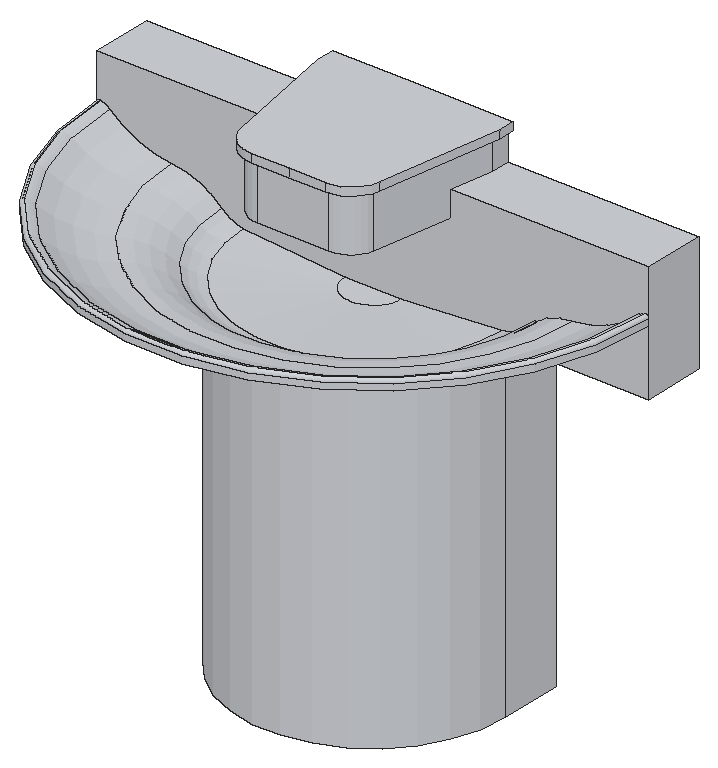
Revit family "Washfountain_Willoughby-WWF-4203-FLR-JR", category Plumbing Fixtures, Revit 2015
Parameters
  URL = "https://www.willoughby-ind.com/wp-content/uploads/2018/01/WWF-4204.pdf"
  Revision = "A"
  Model = "WWF-4203-FLR-JR"
  Manufacturer = "Willoughby Industries"
  Description = "3 Station Half Round 42\" Stainless Steel, Deep Bowl Washfountain, Floor Mounted, Junior Height"
  Contact Info = "(800) 428-4065"
Reference planes (in)
  plane 1 "Center (Front/Back)": y = 0
  plane 2: z = 0
  plane 3 "Center (Left/Right)": x = 0
Forms (in)
  Extrusion 1, solid
    sketch origin (0, 0, 24) x (1, 0, 0) y (0, 0, 1)
      loop
        line (-21, 22) -> (-21, 13) -> (21, 13) -> (21, 22) -> (-21, 22)
    from 0 to 4.75
  Revolve 2, solid
    sketch origin (0, 0, 24) x (0, 1, 0) y (0, 0, 1)
      loop
        line (-25.75, 18) -> (-25.645, 18) -> (-25.645, 18.5)
        arc (-25.645, 18.5) -> (-25.58946, 18.6144) -> (-25.4652, 18.64105) r 0.145
        arc (-25.4652, 18.64105) -> (-25.14236, 18.51684) -> (-24.86, 18.317) r 1.395
        arc (-24.86, 18.317) -> (-22.61273, 16.86456) -> (-20.015, 16.223) r 8.105
        arc (-20.015, 16.223) -> (-18.03072, 15.71473) -> (-16.34015, 14.55814) r 5.895
        arc (-16.34015, 14.55814) -> (-15.55, 13.99657) -> (-14.62519, 13.70603) r 3.105
        arc (-14.62519, 13.70603) -> (-10.76816, 13.27715) -> (-6.89, 13.134) r 52.566
        line (-6.89, 13.134) -> (-4.75, 13.134) -> (-4.75, 13.23892) -> (-6.89891, 13.23892)
        arc (-6.89891, 13.23892) -> (-10.76924, 13.38189) -> (-14.61847, 13.80999) r 52.461
        arc (-14.61847, 13.80999) -> (-15.51174, 14.0906) -> (-16.275, 14.63292) r 3
        arc (-16.275, 14.63292) -> (-17.99549, 15.81032) -> (-20.015, 16.32792) r 6
        arc (-20.015, 16.32792) -> (-22.58032, 16.9611) -> (-24.79922, 18.3952) r 8
        arc (-24.79922, 18.3952) -> (-25.10242, 18.60963) -> (-25.449, 18.743) r 1.5
        arc (-25.449, 18.743) -> (-25.65705, 18.69278) -> (-25.75, 18.5) r 0.25
        line (-25.75, 18.5) -> (-25.75, 18)
      axis (-4.75, 13.134) -> (-4.75, 18.743)
    angle from -90 to 90
  Revolve 3, solid
    sketch origin (0, 0, 0) x (0, 1, 0) y (0, 0, 1)
      loop
        line (-4.75, 37.134) -> (-6.891, 37.134)
        arc (-6.891, 37.134) -> (-10.76906, 37.27719) -> (-14.626, 37.706) r 52.58515
        arc (-14.626, 37.706) -> (-14.75098, 37.7272) -> (-14.875, 37.75349) r 3.10529
        line (-14.875, 37.75349) -> (-14.875, 11.51888) -> (-4.75, 11.51888) -> (-4.75, 37.134)
      axis (-4.75, 37.75349) -> (-4.75, 11.51888)
    angle from -90 to 90
  Extrusion 4, solid
    sketch origin (0, 0, 0) x (1, 0, 0) y (0, 0, 1)
      loop
        line (10.125, 11.51888) -> (10.125, 37) -> (-10.125, 37) -> (-10.125, 11.51888) -> (10.125, 11.51888)
    from 0 to 4.75
  Extrusion 5, solid
    sketch origin (0, 0, 0) x (1, 0, 0) y (0, 1, 0)
      loop
        line (0, 0) -> (-6.435, 0) -> (-6.435, -1.41) -> (-4.76251, -10.59501)
        arc (-4.76251, -10.59501) -> (-4.04002, -11.82218) -> (-2.695, -12.29) r 2.06528
        line (-2.695, -12.29) -> (2.695, -12.29)
        arc (2.695, -12.29) -> (4.04002, -11.82218) -> (4.76251, -10.59501) r 2.06528
        line (4.76251, -10.59501) -> (6.435, -1.41) -> (6.435, 0) -> (0, 0)
    from 44.01953 to 48.26953
  Extrusion 6, solid
    sketch origin (0, 0, 0) x (1, 0, 0) y (0, 1, 0)
      loop
        line (0, 0) -> (-6.875, 0) -> (-6.875, -1.28) -> (-5.255, -10.68)
        arc (-5.255, -10.68) -> (-4.40317, -12.16441) -> (-2.795, -12.75) r 2.49349
        line (-2.795, -12.75) -> (0, -12.75) -> (2.795, -12.75)
        arc (2.795, -12.75) -> (4.40317, -12.16441) -> (5.255, -10.68) r 2.49349
        line (5.255, -10.68) -> (6.875, -1.28) -> (6.875, 0) -> (0, 0)
    from 48.26953 to 48.89453
  Extrusion 7, solid
    sketch origin (0, 0, 0) x (1, 0, 0) y (0, 0, 1)
      loop
        circle (0, 32.75) r 0.75
      loop
        circle (5, 28.75) r 0.25
      loop
        circle (2, 28.75) r 0.25
    from -0.125 to 1
Lines and regions (in)
  reference lines
    curve 1: line (0, 0, 48.89453) -> (0, 0, 9.01953)
Dimensions and locks (in)
  aligned and locked: level to plane 2
  aligned and locked: Revolve 3 sketch curve to Revolve 3 sketch curve  (x2)
  aligned and locked: Extrusion 4 sketch curve to Revolve 3  (x2)
  aligned and locked: Revolve 3 to Extrusion 4 sketch curve
  aligned and locked: Extrusion 1 to Extrusion 4 sketch curve
Connectors (in)
  piping at (2, 0.125, 28.75), diameter 0.5
    settings: on Extrusion 7, index 1, connector inside diameter 24", connector length 0' - 0", flow factor 0, pipe flow 0 GPM, pressure drop 0.00 psi, fitting loss kfactor 0, connector angle 0.00°, fixture units 0, engagement length 0' - 0", angle of deflection 0.00°, flow configuration 0, flow direction 0, fitting loss method 0, system type 20, joint type 0, gender type 0, connector reference index -1, connector utility 0, adjustable connector no, is connector primary yes, connector description ""
  piping at (5, 0.125, 28.75), diameter 0.5
    settings: on Extrusion 7, index 2, connector inside diameter 24", connector length 0' - 0", flow factor 0, pipe flow 0 GPM, pressure drop 0.00 psi, fitting loss kfactor 0, connector angle 0.00°, fixture units 0, engagement length 0' - 0", angle of deflection 0.00°, flow configuration 0, flow direction 0, fitting loss method 0, system type 19, joint type 0, gender type 0, connector reference index -1, connector utility 0, adjustable connector no, is connector primary no, connector description ""
  piping at (0, 0.125, 32.75), diameter 1.5
    settings: on Extrusion 7, index 3, connector inside diameter 24", connector length 0' - 0", flow factor 0, pipe flow 0 GPM, pressure drop 0.00 psi, fitting loss kfactor 0, connector angle 0.00°, fixture units 0, engagement length 0' - 0", angle of deflection 0.00°, flow configuration 0, flow direction 0, fitting loss method 0, system type 7, joint type 0, gender type 0, connector reference index -1, connector utility 0, adjustable connector no, is connector primary no, connector description ""
